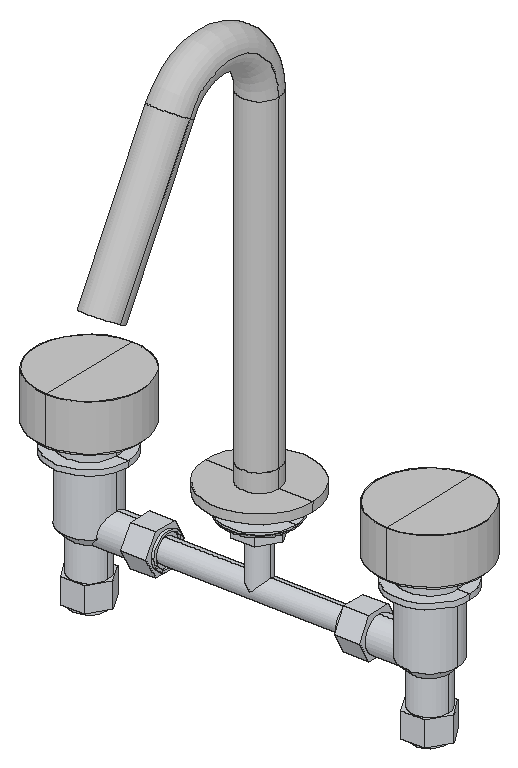
Revit family "Reece_Tap_Milli_Pure_Basin Tap Set_Linear Texture", category Plumbing Fixtures, host Face, Revit 2018
Family settings
  Host = Face
  Round Connector Dimension = Use Diameter
  Part Type = Normal
  Cut with Voids When Loaded = No
  Shared = Yes
  Room Calculation Point = Yes
Parameters (values of type "Brushed Nickel")
  WFU = 0  # constant formula
  URL = "https://www.reece.com.au/product/-2224599"
  Type Comments = "Tap"
  Reece_Tap_Reach = 110 mm  # constant formula
  Reece_Tap_Inlet = 15 mm  # constant formula
  Reece_Tap_Handle_Spacing_Formula [instance] = if(Reece_Tap_Handle_Spacing > 95 mm, 95 mm, if(Reece_Tap_Handle_Spacing < 60 mm, 60 mm, Reece_Tap_Handle_Spacing))  # 95 mm
  Reece_Tap_Handle_Spacing [instance] = 95 mm
  Reece_Tap_Clearance = 135 mm  # constant formula
  Reece_Product_Web Page = "https://www.reece.com.au/product/-2224599"
  Reece_Product_Type = "Tap"  # constant formula
  Reece_Product_Sub Brand = "Pure"  # constant formula
  Reece_Product_Number = "2224599"
  Reece_Product_Mount = "Hob Mounted"
  Reece_Product_Description = "Milli Pure Basin Set with Linear Textured Handles Brushed Nickel (5 star)"
  Reece_Product_Brand = "Milli\r\n"  # constant formula
  Reece_Overall_Length = 149.5 mm  # constant formula
  Reece_Overall_Height = 245 mm  # constant formula
  Reece_Material_Secondary = Reece_Brass_Brushed Nickel_Linear Pattern
  Reece_Material-Main = Reece_Brass_Brushed Nickel
  Reece_Detail_Shape = "Linear Texture\r\n"  # constant formula
  Reece_Detail_Disclaimer = "THIS FILE IS THE PROPERTY OF THE REECE GROUP. IT MAY NOT BE REPRODUCED, REVERSE-ENGINEERED OR MODIFIED. ANY REPUBLICATION, TRANSMISSION OR DISTRIBUTION FOR THE PURPOSE OF COMMERCIALLY EXPLOITING THE FILES IS PROHIBITED."  # constant formula
  Reece_Detail_Connector = ""
  Reece_Detail_Additional = "Basin Tap Set\r\n"  # constant formula
  Reece_3D Texture = no
  Reece_3D Simplified Geometry = not(Reece_3D Texture)  # yes
  Model = "Pure"
  Manufacturer = "Milli\r\n"
  Keynote = "Product #2224599, Reece_Tap_Milli_Pure_Basin Tap Set_Linear Texture - Brushed Nickel"
  HWFU = 0  # constant formula
  Disclaimer = "THIS FILE IS THE PROPERTY OF THE REECE GROUP. IT MAY NOT BE REPRODUCED, REVERSE-ENGINEERED OR MODIFIED. ANY REPUBLICATION, TRANSMISSION OR DISTRIBUTION FOR THE PURPOSE OF COMMERCIALLY EXPLOITING THE FILES IS PROHIBITED."  # constant formula
  Description = "Milli Pure Basin Set with Linear Textured Handles Brushed Nickel (5 star)"
  Default Elevation = 0 mm  # constant formula
  CWFU = 0  # constant formula
Types (7, lengths in mm): name | URL | Reece_Product_Web Page | Reece_Product_Number | Reece_Product_Description | Reece_Material_Secondary | Reece_Material-Main | Keynote | Description
  (no name) | "https://www.reece.com.au/product/-2224600" | "https://www.reece.com.au/product/-2224600" | "2224600" | "Milli Pure Basin Set with Linear Textured Handles Brushed Gunmetal (5 star)" | Reece_Brass_Brushed Gunmetal_Linear Pattern | Reece_Brass_Brushed Gunmetal | "Product #2224600, Reece_Tap_Milli_Pure_Basin Tap Set_Linear Texture -  " | "Milli Pure Basin Set with Linear Textured Handles Brushed Gunmetal (5 star)"
  Brushed Nickel | "https://www.reece.com.au/product/-2224599" | "https://www.reece.com.au/product/-2224599" | "2224599" | "Milli Pure Basin Set with Linear Textured Handles Brushed Nickel (5 star)" | Reece_Brass_Brushed Nickel_Linear Pattern | Reece_Brass_Brushed Nickel | "Product #2224599, Reece_Tap_Milli_Pure_Basin Tap Set_Linear Texture - Brushed Nickel" | "Milli Pure Basin Set with Linear Textured Handles Brushed Nickel (5 star)"
  Brushed Gunmetal | "https://www.reece.com.au/product/-2224600" | "https://www.reece.com.au/product/-2224600" | "2224600" | "Milli Pure Basin Set with Linear Textured Handles Brushed Gunmetal (5 star)" | Reece_Brass_Brushed Gunmetal_Linear Pattern | Reece_Brass_Brushed Gunmetal | "Product #2224600, Reece_Tap_Milli_Pure_Basin Tap Set_Linear Texture - Brushed Gunmetal" | "Milli Pure Basin Set with Linear Textured Handles Brushed Gunmetal (5 star)"
  Chrome | "https://www.reece.com.au/product/-2224598" | "https://www.reece.com.au/product/-2224598" | "2224598" | "Milli Pure Basin Set with Linear Textured Handles Chrome (5 star)" | Reece_Brass_Chrome_Linear Pattern | Reece_Brass_Chrome | "Product #2224598, Reece_Tap_Milli_Pure_Basin Tap Set_Linear Texture - Chrome" | "Milli Pure Basin Set with Linear Textured Handles Chrome (5 star)"
  Matte Black | "https://www.reece.com.au/product/-2224601" | "https://www.reece.com.au/product/-2224601" | "2224601" | "Milli Pure Basin Set with Linear Textured Handles Matte Black (5 star)" | Reece_Brass_Matte Black_Linear Pattern | Reece_Brass_Matte Black | "Product #2224601, Reece_Tap_Milli_Pure_Basin Tap Set_Linear Texture - Matte Black" | "Milli Pure Basin Set with Linear Textured Handles Matte Black (5 star)"
  PVD Brushed Bronze | "https://www.reece.com.au/product/-9511002" | "https://www.reece.com.au/product/-9511002" | "9511002" | "Milli Pure Basin Set with Linear Textured Handles PVD Brushed Bronze (5 Star)" | Reece_PVD_Brushed Bronze_Linear Pattern | Reece_PVD_Brushed Bronze | "Product #9511002, Reece_Tap_Milli_Pure_Basin Tap Set_Linear Texture - PVD Brushed Bronze" | "Milli Pure Basin Set with Linear Textured Handles PVD Brushed Bronze (5 Star)"
  PVD Brushed Gold | "https://www.reece.com.au/product/-9510817" | "https://www.reece.com.au/product/-9510817" | "9510817" | "Milli Pure Basin Set with Linear Textured Handles PVD Brushed Gold (5 Star)" | Reece_PVD_Brushed Gold_Linear Pattern | Reece_PVD_Brushed Gold | "Product #9510817, Reece_Tap_Milli_Pure_Basin Tap Set_Linear Texture - PVD Brushed Gold" | "Milli Pure Basin Set with Linear Textured Handles PVD Brushed Gold (5 Star)"
Reference planes
  plane 1 "Center (Front/Back)": y = 0
  plane 2 "Bottom": z = 0
  plane 3 "Center (Left/Right)": x = 0
  plane 4 "Top": z = 245
  plane 5: y = -110
  plane 6: z = 135
  plane 7: y = 30
  plane 8: y = -119.5
  plane 9: through (0, -110, 135) normal (0, 0.866, -0.5)
  plane 10: x = -95
  plane 11: x = 95
  plane 12: x = -66.612
  plane 13: x = -52.612
  plane 14: x = 66.612
  plane 15: x = 52.612
Forms (mm)
  Revolve 1, solid, material "Reece_Brass_Brushed Nickel" <- "Reece_Material-Main"
    sketch origin (3.5, 0, 0) x (-1, 0, 0) y (0, 0, 1)
      loop
        line (-26.5, 5) -> (-26.5, 0) -> (3.5, 0) -> (3.5, 5) -> (-26.5, 5)
      axis (3.5, 5) -> (3.5, 0)
    angle from 0 to 360
  Sweep 2, solid, material "Reece_Brass_Brushed Nickel" <- "Reece_Material-Main"
    path origin (0, 0, 0) x (0, 1, 0) y (0, 0, 1)
      loop
        line (-110, 135) -> (-62.512, 217.252)
        arc (-62.512, 217.252) -> (-24.83, 232.86) -> (0, 200.502) r 33.5
        line (0, 200.502) -> (0, 15.069)
    profile origin (0, 0, 107.785) x (1, 0, 0) y (0, 1, 0)
      loop
        circle (0, 0) r 11
  Revolve 3, void
    sketch origin (0, -1.709, -28.285) x (0, 0.984808, -0.173648) y (0, 0.173648, 0.984808)
      loop
        line (-125.684, 141.282) -> (-134.141, 144.361) -> (-135.293, 141.194) -> (-126.836, 138.116) -> (-125.684, 141.282)
      axis (-134.141, 144.361) -> (-135.293, 141.194)
    angle from 0 to 360
  Sweep 4, solid, material "Reece_Brass_Brushed Nickel" <- "Reece_Material-Main"
    path origin (0, 0, 0) x (0, 1, 0) y (0, 0, 1)
      loop
        line (0, 15) -> (0, 5)
    profile origin (0, 0, 10) x (1, 0, 0) y (0, 1, 0)
      loop
        circle (0, 0) r 11
  Revolve 5, solid
    sketch origin (0, 0, -0.835) x (1, 0, 0) y (0, 0, 1)
      loop
        line (0, 5.835) -> (0, -47) -> (6.5, -47) -> (6.5, -11.7) -> (18.888, -11.7)
        arc (18.888, -11.7) -> (19.596, -11.407) -> (19.888, -10.7) r 1
        line (19.888, -10.7) -> (19.888, -9.6) -> (20.888, -9.6) -> (20.888, -8.742) -> (10, -8.742) -> (10, 5.835) -> (0, 5.835)
      axis (0, 5.835) -> (0, -47)
    angle from 0 to 360
  Revolve 6, solid
    sketch origin (0, 0, -0.835) x (1, 0, 0) y (0, 0, 1)
      loop
        line (50.612, -47) -> (50.612, -40.5) -> (-66.612, -40.5) -> (-66.612, -37.123) -> (-86.948, -37.123) -> (-86.948, -47) -> (-70.103, -47) -> (50.612, -47)
      loop
        line (66.612, -37.123) -> (66.612, -47) -> (86.948, -47) -> (86.948, -37.123) -> (66.612, -37.123)
      axis (86.948, -47) -> (-86.948, -47)
    angle from 0 to 360
  Extrusion 7, solid
    sketch origin (-121.612, -0.379, -50.716) x (0, 1, 0) y (0, 0, 1)
      loop
        line (-12.921, 2.881) -> (-6.271, -8.637) -> (7.029, -8.637) -> (13.679, 2.881) -> (7.029, 14.399) -> (-6.271, 14.399) -> (-12.921, 2.881)
    from 55 to 69
  Extrusion 8, solid
    sketch origin (-52.612, -0.379, -50.716) x (0, 1, 0) y (0, 0, 1)
      loop
        circle (0.379, 2.881) r 10
      loop
        circle (0.379, 2.881) r 9
    from 0 to 2
  Revolve 9, solid
    sketch origin (0, 0, -0.835) x (1, 0, 0) y (0, 0, 1)
      loop
        line (-110.559, -12.6) -> (-110.559, -48.588) -> (-105.61, -53.538) -> (-105.61, -72.919) -> (-104.007, -74.52) -> (-95, -74.52) -> (-95, 22.835) -> (-105, 22.835) -> (-105, 0.835) -> (-110.559, -2.375) -> (-110.559, -9.6) -> (-117.347, -9.6) -> (-117.347, -12.6) -> (-110.559, -12.6)
      axis (-95, 22.835) -> (-95, -74.52)
    angle from 0 to 360
  Extrusion 10, solid
    sketch origin (-100, 0, -73.754) x (0, 1, 0) y (1, 0, 0)
      loop
        line (0.001, 18.3) -> (-11.518, 11.65) -> (-11.518, -1.65) -> (0.001, -8.3) -> (11.519, -1.65) -> (11.519, 11.65) -> (0.001, 18.3)
    from 0 to 14
  Extrusion 11, solid
    sketch origin (-100, 0, -87.754) x (-1, 0, 0) y (0, 1, 0)
      loop
        circle (-5, 0.001) r 10
      loop
        circle (-5, 0.001) r 9
    from 0 to 2
  Extrusion 12, solid
    sketch origin (100, 0, -73.754) x (0, 1, 0) y (1, 0, 0)
      loop
        line (0.001, 8.3) -> (-11.518, 1.65) -> (-11.518, -11.65) -> (0.001, -18.3) -> (11.519, -11.65) -> (11.519, 1.65) -> (0.001, 8.3)
    from 0 to 14
  Extrusion 13, solid
    sketch origin (100, 0, -87.754) x (-1, 0, 0) y (0, 1, 0)
      loop
        circle (5, 0.001) r 10
      loop
        circle (5, 0.001) r 9
    from 0 to 2
  Extrusion 14, solid
    sketch origin (57.612, -0.379, -50.716) x (0, 1, 0) y (0, 0, 1)
      loop
        line (-12.921, 2.881) -> (-6.271, -8.637) -> (7.029, -8.637) -> (13.679, 2.881) -> (7.029, 14.399) -> (-6.271, 14.399) -> (-12.921, 2.881)
    from -5 to 9
  Extrusion 15, solid
    sketch origin (52.612, -0.379, -50.716) x (0, -1, 0) y (0, 0, 1)
      loop
        circle (-0.379, 2.881) r 10
      loop
        circle (-0.379, 2.881) r 9
    from 0 to 2
  Extrusion 16, void
    sketch origin (-50, 0, 0) x (1, 0, 0) y (0, 1, 0)
      loop
        circle (50, 0) r 17
    from 0 to -27
  Extrusion 17, void
    sketch origin (150, 0, 0) x (-1, 0, 0) y (0, -1, 0)
      loop
        circle (55, 0) r 18
    from 0 to -27
  Extrusion 18, void
    sketch origin (-150, 0, 0) x (1, 0, 0) y (0, 1, 0)
      loop
        circle (55, 0) r 18
    from 0 to -27
  Revolve 19, solid
    sketch origin (0, 0, -0.835) x (-1, 0, 0) y (0, 0, -1)
      loop
        line (-110.559, 12.6) -> (-117.347, 12.6) -> (-117.347, 9.6) -> (-110.559, 9.6) -> (-110.559, 2.375) -> (-105, -0.835) -> (-105, -22.835) -> (-95, -22.835) -> (-95, 74.52) -> (-104.007, 74.52) -> (-105.61, 72.919) -> (-105.61, 53.538) -> (-110.559, 48.588) -> (-110.559, 12.6)
      axis (-95, -22.835) -> (-95, 74.52)
    angle from 0 to 360
  Extrusion 20, solid
    sketch origin (0, 0, -12.535) x (0, 1, 0) y (1, 0, 0)
      loop
        line (0.001, 13.3) -> (-11.518, 6.65) -> (-11.518, -6.65) -> (0.001, -13.3) -> (11.519, -6.65) -> (11.519, 6.65) -> (0.001, 13.3)
    from 0 to 8.3
Cuts and joins
  Revolve 3 cuts Sweep 2
  Extrusion 16 cuts Revolve 9
  joined: Revolve 5, Revolve 6, Extrusion 7, Extrusion 8, Revolve 9, Extrusion 10, Extrusion 11, Extrusion 12, Extrusion 13, Extrusion 14, Extrusion 15, Revolve 19, Extrusion 20
Text (mm)
  text "Reece Copyright © 2018, Reece Ltd." at (-494.526, -203.067, 0), in view "Ref. Level"
  text "Reece ©" at (44.384, 258.95, 192.345), in view "Reece Preview"
Dimensions and locks
  Revolve 1 sketch curve to Revolve 1 sketch curve = 30 mm
  "Reece_Overall_Height": plane 4 "Top" to plane 2 "Bottom"
  "Reece_Tap_Clearance": plane 6 to plane 2 "Bottom"
  "Reece_Tap_Reach": plane 1 "Center (Front/Back)" to plane 5
  "Reece_Overall_Length": plane 7 to plane 8
  "Reece_Tap_Handle_Spacing_Formula": plane 10 to plane 3 "Center (Left/Right)"
  locked: plane 12 to plane 10 at 28.388
  locked: plane 13 to plane 12 at 14
  locked: plane 15 to plane 14 at 14
  locked: plane 14 to plane 11 at 28.388
  "Reece_Tap_Handle_Spacing_Formula": plane 3 "Center (Left/Right)" to plane 11  (x2)
  "Reece_Tap_Handle_Spacing_Formula": plane 3 "Center (Left/Right)" to plane 10
  angle plane 9 to plane 5 = 30.00°
  aligned and locked: plane 2 "Bottom" to host face
  aligned and locked: level to host face
  aligned and locked: plane 10 to nested 2
  aligned and locked: nested 1 to plane 11
  aligned and locked: plane 13 to Extrusion 7
  aligned and locked: Extrusion 7 to plane 12
  aligned and locked: cut or joined group 1 (Revolve 5, Revolve 6, Extrusion 7, Extrusion 8, Revolve 9, Extrusion 10, Extrusion 11, Extrusion 12, Extrusion 13, Extrusion 14, Extrusion 15, Extrusion 16, Revolve 19, Extrusion 20) to plane 14
  aligned and locked: plane 15 to cut or joined group 1
  aligned and locked: plane 10 to nested 3
  aligned and locked: nested 4 to plane 11
Automatic sketch dimensions
  host sketch curve to host sketch curve = 380.785 mm
  host sketch curve to host sketch curve = 317.421 mm
  Revolve 1 sketch curve to level = 0 mm
  plane 3 "Center (Left/Right)" to Revolve 1 sketch curve = 0 mm
  Revolve 1 sketch curve to plane 3 "Center (Left/Right)" = 0 mm
  level to Revolve 1 sketch curve = 5 mm
  Revolve 1 sketch curve to Revolve 1 sketch curve = 340.81 mm
  plane 4 "Top" to Revolve 1 sketch curve = 2048.37 mm
  Sweep 2 sketch curve to plane 5 = 0 mm
  plane 9 to Sweep 2 sketch curve = 0 mm
  Sweep 2 sketch curve to plane 1 "Center (Front/Back)" = 0 mm
  Sweep 2 sketch curve to plane 6 = 0 mm
  Sweep 2 sketch curve to plane 4 "Top" = 27.748 mm
  plane 1 "Center (Front/Back)" to Sweep 2 sketch curve = 33.5 mm
  level to Sweep 2 sketch curve = 15.069 mm
  Sweep 2 sketch curve to plane 3 "Center (Left/Right)" = 0 mm
  profile plane to Sweep 2 sketch curve = 0 mm
  plane 9 to Revolve 3 sketch curve = 0 mm  (x4)
  plane 5 to Revolve 3 sketch curve = 0.429 mm
  Revolve 3 sketch curve to Revolve 3 sketch curve = 1.153 mm
  Revolve 3 sketch curve to Revolve 3 sketch curve = 8.457 mm
  Revolve 3 sketch curve to Revolve 3 sketch curve = 7.036 mm
  Revolve 3 sketch curve to Revolve 3 sketch curve = 21.517 mm
  Sweep 4 sketch curve to plane 1 "Center (Front/Back)" = 0 mm
  level to Sweep 4 sketch curve = 5 mm
  Sweep 4 sketch curve to Sweep 4 sketch curve = 10 mm
  Sweep 4 sketch curve to plane 3 "Center (Left/Right)" = 0 mm
  profile plane to Sweep 4 sketch curve = 0 mm
  plane 10 to Revolve 6 sketch curve = 8.052 mm
  Revolve 6 sketch curve to Revolve 6 sketch curve = 16.844 mm
  plane 11 to Revolve 6 sketch curve = 44.388 mm
  Revolve 6 sketch curve to Revolve 6 sketch curve = 16 mm
  plane 11 to Revolve 6 sketch curve = 8.052 mm
  Revolve 6 sketch curve to level = 47.835 mm
  Revolve 6 sketch curve to Revolve 6 sketch curve = 0 mm  (x2)
  Revolve 6 sketch curve to Revolve 6 sketch curve = 9.877 mm  (x2)
  Revolve 6 sketch curve to plane 10 = 35 mm
  Revolve 6 sketch curve to plane 11 = 30 mm
  plane 1 "Center (Front/Back)" to Extrusion 7 sketch curve = 13.3 mm
  plane 1 "Center (Front/Back)" to Extrusion 7 sketch curve = 6.65 mm  (x2)
  Extrusion 7 sketch curve to plane 1 "Center (Front/Back)" = 6.65 mm  (x2)
  Extrusion 7 sketch curve to plane 1 "Center (Front/Back)" = 13.3 mm
  Extrusion 7 sketch curve to level = 59.353 mm
  Extrusion 7 sketch curve to Extrusion 7 sketch curve = 11.518 mm  (x3)
  Revolve 9 sketch curve to level = 0 mm
  Revolve 9 sketch curve to plane 10 = 22.347 mm
  Revolve 9 sketch curve to Revolve 9 sketch curve = 6.788 mm  (x2)
  Revolve 9 sketch curve to level = 3.21 mm
  Revolve 9 sketch curve to Revolve 9 sketch curve = 4.95 mm  (x2)
  Revolve 9 sketch curve to Revolve 9 sketch curve = 5.559 mm
  Revolve 9 sketch curve to Revolve 9 sketch curve = 1.602 mm
  plane 10 to Revolve 9 sketch curve = 0 mm  (x2)
  Revolve 9 sketch curve to Revolve 9 sketch curve = 7.226 mm
  Revolve 9 sketch curve to Revolve 9 sketch curve = 3 mm
  Revolve 9 sketch curve to Revolve 9 sketch curve = 35.988 mm
  Revolve 9 sketch curve to Revolve 9 sketch curve = 19.382 mm
  Revolve 9 sketch curve to Revolve 9 sketch curve = 1.601 mm
  Revolve 9 sketch curve to Revolve 9 sketch curve = 0 mm
  Revolve 9 sketch curve to Revolve 9 sketch curve = 22 mm
  Revolve 9 sketch curve to Revolve 9 sketch curve = 38.18 mm
  Revolve 9 sketch curve to plane 6 = 13.535 mm
  plane 1 "Center (Front/Back)" to Extrusion 10 sketch curve = 11.518 mm
  Extrusion 10 sketch curve to plane 1 "Center (Front/Back)" = 0.001 mm  (x2)
  Extrusion 10 sketch curve to plane 1 "Center (Front/Back)" = 11.519 mm
  plane 10 to Extrusion 10 sketch curve = 13.3 mm
  plane 10 to Extrusion 10 sketch curve = 6.65 mm  (x2)
  Extrusion 10 sketch curve to plane 10 = 6.65 mm  (x2)
  Extrusion 10 sketch curve to Extrusion 10 sketch curve = 6.65 mm
  Extrusion 11 sketch curve to Extrusion 11 sketch curve = 0 mm  (x2)
  Extrusion 10 to Extrusion 11 sketch curve = 11.518 mm  (x2)
  plane 1 "Center (Front/Back)" to Extrusion 12 sketch curve = 11.518 mm
  Extrusion 12 sketch curve to plane 1 "Center (Front/Back)" = 0.001 mm  (x2)
  Extrusion 12 sketch curve to plane 1 "Center (Front/Back)" = 11.519 mm
  Extrusion 12 sketch curve to plane 11 = 13.3 mm
  Extrusion 12 sketch curve to plane 11 = 6.65 mm  (x2)
  plane 11 to Extrusion 12 sketch curve = 6.65 mm  (x2)
  plane 11 to Extrusion 12 sketch curve = 13.3 mm
  Extrusion 13 sketch curve to Extrusion 13 sketch curve = 0 mm  (x2)
  Extrusion 13 sketch curve to plane 11 = 0 mm
  Extrusion 13 sketch curve to plane 1 "Center (Front/Back)" = 0.001 mm
  plane 1 "Center (Front/Back)" to Extrusion 14 sketch curve = 13.3 mm
  plane 1 "Center (Front/Back)" to Extrusion 14 sketch curve = 6.65 mm  (x2)
  Extrusion 14 sketch curve to plane 1 "Center (Front/Back)" = 6.65 mm  (x2)
  Extrusion 14 sketch curve to plane 1 "Center (Front/Back)" = 13.3 mm
  Extrusion 14 sketch curve to level = 59.353 mm
  Extrusion 14 sketch curve to Extrusion 14 sketch curve = 11.518 mm  (x3)
  Extrusion 15 sketch curve to Extrusion 15 sketch curve = 0 mm  (x2)
  Extrusion 15 sketch curve to Extrusion 14 = 11.518 mm  (x2)
  Extrusion 16 sketch curve to Extrusion 16 sketch curve = 0 mm  (x2)
  plane 1 "Center (Front/Back)" to Extrusion 16 sketch curve = 0 mm
  Extrusion 16 sketch curve to plane 3 "Center (Left/Right)" = 0 mm
  Extrusion 16 sketch curve to Extrusion 16 sketch curve = 17 mm
  Extrusion 17 sketch curve to Extrusion 17 sketch curve = 0 mm  (x2)
  plane 1 "Center (Front/Back)" to Extrusion 17 sketch curve = 0 mm
  Extrusion 17 sketch curve to plane 11 = 0 mm
  plane 11 to Extrusion 17 sketch curve = 18 mm
  Extrusion 18 sketch curve to Extrusion 18 sketch curve = 0 mm  (x2)
  Extrusion 18 sketch curve to plane 1 "Center (Front/Back)" = 0 mm
  Extrusion 18 sketch curve to plane 10 = 0 mm
  Extrusion 18 sketch curve to plane 10 = 18 mm
  Revolve 19 sketch curve to level = 0 mm
  Revolve 19 sketch curve to plane 11 = 22.347 mm
  Revolve 19 sketch curve to Revolve 19 sketch curve = 6.788 mm  (x2)
  Revolve 19 sketch curve to level = 3.21 mm
  Revolve 19 sketch curve to Revolve 19 sketch curve = 4.95 mm  (x2)
  Revolve 19 sketch curve to Revolve 19 sketch curve = 5.559 mm
  Revolve 19 sketch curve to Revolve 19 sketch curve = 1.602 mm
  plane 11 to Revolve 19 sketch curve = 0 mm  (x2)
  level to Revolve 19 sketch curve = 22 mm
  Revolve 19 sketch curve to Revolve 19 sketch curve = 7.226 mm
  Revolve 19 sketch curve to Revolve 19 sketch curve = 3 mm
  Revolve 19 sketch curve to Revolve 19 sketch curve = 35.988 mm
  Revolve 19 sketch curve to Revolve 19 sketch curve = 19.382 mm
  Revolve 19 sketch curve to Revolve 19 sketch curve = 1.601 mm
  Revolve 19 sketch curve to Revolve 19 sketch curve = 0 mm
  Revolve 19 sketch curve to plane 6 = 13.535 mm
  Revolve 19 sketch curve to Revolve 19 sketch curve = 38.18 mm
  plane 1 "Center (Front/Back)" to Extrusion 20 sketch curve = 11.518 mm
  Extrusion 20 sketch curve to plane 1 "Center (Front/Back)" = 0.001 mm  (x2)
  Extrusion 20 sketch curve to plane 1 "Center (Front/Back)" = 11.519 mm
  plane 3 "Center (Left/Right)" to Extrusion 20 sketch curve = 13.3 mm
  plane 3 "Center (Left/Right)" to Extrusion 20 sketch curve = 6.65 mm  (x2)
  Extrusion 20 sketch curve to plane 3 "Center (Left/Right)" = 6.65 mm  (x2)
  Extrusion 20 sketch curve to Extrusion 20 sketch curve = 6.65 mm
  Revolve 5 sketch curve to plane 3 "Center (Left/Right)" = 0 mm  (x2)
  Revolve 5 sketch curve to Revolve 5 sketch curve = 12.388 mm
  Revolve 5 sketch curve to Revolve 5 sketch curve = 1 mm  (x2)
  Revolve 5 sketch curve to level = 12.535 mm
  Revolve 5 sketch curve to Revolve 5 sketch curve = 1.1 mm
  Revolve 5 sketch curve to Revolve 5 sketch curve = 0.858 mm
  level to Revolve 5 sketch curve = 5 mm
  plane 3 "Center (Left/Right)" to Revolve 5 sketch curve = 10 mm
  Revolve 5 sketch curve to Revolve 5 sketch curve = 3.5 mm
  Revolve 5 sketch curve to Revolve 5 sketch curve = 9.761 mm
  Revolve 6 sketch curve to Revolve 6 sketch curve = 3.492 mm
  Revolve 6 sketch curve to Revolve 6 sketch curve = 3.377 mm
  Extrusion 8 sketch curve to Extrusion 8 sketch curve = 0 mm  (x2)
  Extrusion 8 sketch curve to Extrusion 7 = 11.518 mm  (x2)
  Revolve 5 sketch curve to Revolve 5 sketch curve = 35.3 mm
  Revolve 5 sketch curve to Revolve 5 sketch curve = 17.404 mm
  radius of Sweep 2 sketch curve = 11 mm
  radius of Sweep 4 sketch curve = 11 mm
  radius of Extrusion 11 sketch curve = 10 mm
  radius of Extrusion 11 sketch curve = 9 mm
  radius of Extrusion 13 sketch curve = 10 mm
  radius of Extrusion 13 sketch curve = 9 mm
  radius of Extrusion 15 sketch curve = 10 mm
  radius of Extrusion 15 sketch curve = 9 mm
  radius of Extrusion 8 sketch curve = 10 mm
  radius of Extrusion 8 sketch curve = 9 mm
Nested families
  nested 1: "Reece_Tap_Milli_Pure_Cap_Main_2D" at (95, 0, 0), Reece_Material-Main <- "Reece_Material-Main", Reece_Material_Secondary <- "Reece_Material_Secondary", visible <- "Reece_3D Simplified Geometry", type "60mm x 28mm"
    with Reece_Material_Secondary Reece_Brass_Brushed Nickel_Linear Pattern, Reece_Material-Main Reece_Brass_Brushed Nickel
  nested 2: "Reece_Tap_Milli_Pure_Cap_Main_2D" at (-95, 0, 0) x (-1, 0, 0) z (0, 0, 1), Reece_Material-Main <- "Reece_Material-Main", Reece_Material_Secondary <- "Reece_Material_Secondary", visible <- "Reece_3D Simplified Geometry", type "60mm x 28mm"
    with Reece_Material_Secondary Reece_Brass_Brushed Nickel_Linear Pattern, Reece_Material-Main Reece_Brass_Brushed Nickel
  nested 3: "Reece_Tap_Milli_Pure_Cap_Linear Texture_60mm x 28mm_3D" at (-95, 0, 0), visible <- "Reece_3D Texture", Reece_Material-Main <- "Reece_Material-Main", Reece_Material_Secondary <- "Reece_Material_Secondary", type "60mm x 28mm"
    with Reece_Material_Secondary Reece_Brass_Brushed Nickel_Linear Pattern, Reece_Material-Main Reece_Brass_Brushed Nickel
  nested 4: "Reece_Tap_Milli_Pure_Cap_Linear Texture_60mm x 28mm_3D" at (95, 0, 0), visible <- "Reece_3D Texture", Reece_Material-Main <- "Reece_Material-Main", Reece_Material_Secondary <- "Reece_Material_Secondary", type "60mm x 28mm"
    with Reece_Material_Secondary Reece_Brass_Brushed Nickel_Linear Pattern, Reece_Material-Main Reece_Brass_Brushed Nickel
Connectors
  piping at (-95, 0.001, -89.754), diameter 15, driven by "Reece_Tap_Inlet"
    settings: on cut or joined group 1, index 1, connector inside diameter 609.6 mm, connector length 0 mm, flow factor 0, pipe flow 0.0 L/s, pressure drop 0.0 Pa, fitting loss kfactor 0, connector angle 0.00°, fixture units 0, engagement length 0 mm, angle of deflection 0.00°, flow configuration 0, flow direction 1, fitting loss method 0, system type 29, joint type 0, gender type 0, connector reference index -1, connector utility 0, adjustable connector no, is connector primary yes, connector description ""
  piping at (95, 0.001, -89.754), diameter 15, driven by "Reece_Tap_Inlet"
    settings: on cut or joined group 1, index 2, connector inside diameter 609.6 mm, connector length 0 mm, flow factor 0, pipe flow 0.0 L/s, pressure drop 0.0 Pa, fitting loss kfactor 0, connector angle 0.00°, fixture units 0, engagement length 0 mm, angle of deflection 0.00°, flow configuration 0, flow direction 1, fitting loss method 0, system type 29, joint type 0, gender type 0, connector reference index -1, connector utility 0, adjustable connector no, is connector primary no, connector description ""
Definition of nested family "Reece_Tap_Milli_Pure_Cap_Main_2D"
  Parameters (values of type "62mm x 30mm")
    WFU = 0  # constant formula
    Reece_Overall_Width = 62 mm
    Reece_Overall_Height = 30 mm
    Reece_Material_Secondary [instance] = none
    Reece_Material-Main [instance] = none
    Reece_Detail_Installation = ""
    Reece_Detail_Connector = ""
    Reece_Detail_Additional = ""
    HWFU = 0  # constant formula
    Default Elevation = 1000 mm
    CWFU = 0  # constant formula
  Types (4, lengths in mm): name | Reece_Overall_Width | Reece_Overall_Height
    62mm x 30mm | 62 | 30
    60mm x 28mm | 60 | 28
    54mm x 30mm | 54 | 30
    60mm x 26mm | 60 | 26
  Reference planes
    plane 1 "Center (Front/Back)": y = 0
    plane 2 "Bottom": z = 0
    plane 3 "Center (Left/Right)": x = 0
    plane 4: y = -31
    plane 5: y = 31
    plane 6: z = 30
    plane 7: y = -29
    plane 8: y = 29
    plane 9: z = 16
    plane 10: z = 2
  Forms (mm)
    Extrusion 1, solid
      sketch origin (619.2, -619.2, 0) x (1, 0, 0) y (0, 1, 0)
        loop
          line (-809.2, 779.2) -> (-809.2, 461.779) -> (-428.415, 461.779) -> (-428.415, 779.2) -> (-809.2, 779.2)
      from 0 to -9.564
    Revolve 2, solid, material <- "Reece_Material_Secondary"
      sketch origin (0, 50, 0) x (0, -1, 0) y (0, 0, 1)
        loop
          line (50, 0) -> (79, 0) -> (79, 2) -> (81, 2) -> (81, 30) -> (79, 28) -> (50, 28) -> (50, 0)
        axis (50, 0) -> (50, 30)
      angle from 0 to 360
    Revolve 3, solid, material <- "Reece_Material-Main"
      sketch origin (0, 50, 0) x (0, -1, 0) y (0, 0, 1)
        loop
          line (81, 30) -> (50, 30) -> (50, 28) -> (79, 28) -> (81, 30)
        axis (50, 28) -> (50, 30)
      angle from 0 to 360
  Text (mm)
    text "Reece Copyright © 2018, Reece Ltd." at (-1403.988, -1192.393, 0), in view "Ref. Level"
    text "Reece ©" at (44.384, 258.95, 192.345), in view "Reece Preview"
  Dimensions and locks
    equal spacing: plane 5, plane 1 "Center (Front/Back)", plane 4
    "Reece_Overall_Width": plane 5 to plane 4
    "Reece_Overall_Height": plane 6 to plane 2 "Bottom"
    locked: plane 7 to plane 4 at 2
    locked: plane 5 to plane 8 at 2
    equal spacing: plane 6, plane 9, plane 10
    locked: plane 10 to plane 2 "Bottom" at 2
    aligned and locked: plane 2 "Bottom" to Extrusion 1
    aligned and locked: level to Extrusion 1
    aligned and locked: plane 7 to Revolve 2 sketch curve
  Automatic sketch dimensions
    Extrusion 1 sketch curve to Extrusion 1 sketch curve = 380.785 mm
    Extrusion 1 sketch curve to Extrusion 1 sketch curve = 317.421 mm
    Revolve 2 sketch curve to plane 1 "Center (Front/Back)" = 0 mm  (x2)
    Revolve 2 sketch curve to level = 0 mm
    Revolve 2 sketch curve to plane 7 = 0 mm
    Revolve 2 sketch curve to plane 4 = 0 mm
    Revolve 2 sketch curve to plane 6 = 0 mm  (x2)
    level to Revolve 2 sketch curve = 2 mm
    Revolve 2 sketch curve to plane 6 = 2 mm
    Revolve 2 sketch curve to Revolve 2 sketch curve = 10 mm
    Revolve 3 sketch curve to plane 1 "Center (Front/Back)" = 0 mm  (x2)
    Revolve 3 sketch curve to plane 7 = 0 mm
    Revolve 3 sketch curve to plane 4 = 0 mm
    Revolve 3 sketch curve to plane 6 = 0 mm  (x2)
    Revolve 3 sketch curve to plane 6 = 2 mm
    Revolve 3 sketch curve to Revolve 3 sketch curve = 10 mm
Definition of nested family "Reece_Tap_Milli_Pure_Cap_Linear Texture_60mm x 28mm_3D"
  Parameters (values of type "60mm x 28mm")
    WFU = 0  # constant formula
    Reece_Tap_Inlet = 0 mm
    Reece_Overall_Length = 60 mm
    Reece_Overall_Height = 28 mm
    Reece_Material_Secondary [instance] = none
    Reece_Material-Main [instance] = none
    Reece_Detail_Installation = ""
    Reece_Detail_Connector = ""
    Reece_Detail_Additional = ""
    HWFU = 0  # constant formula
    Default Elevation = 1000 mm
    CWFU = 0  # constant formula
  Reference planes
    plane 1 "Center (Front/Back)": y = 0
    plane 2 "Bottom": z = 0
    plane 3 "Center (Left/Right)": x = 0
    plane 4: z = 28
    plane 5: y = -30
    plane 6: y = 30
  Forms (mm)
    Extrusion 1, solid
      sketch origin (619.2, -619.2, 0) x (1, 0, 0) y (0, 1, 0)
        loop
          line (-809.2, 779.2) -> (-809.2, 461.779) -> (-428.415, 461.779) -> (-428.415, 779.2) -> (-809.2, 779.2)
      from 0 to -9.564
    Revolve 2, solid, material <- "Reece_Material-Main"
      sketch origin (0, 0, -140.292) x (0, 1, 0) y (0, 0, 1)
        loop
          line (0, 148.292) -> (-30, 148.292) -> (-30, 142.292) -> (-27.915, 142.292) -> (-27.915, 140.292) -> (-25.915, 140.292) -> (-25.915, 144.803) -> (0, 144.803) -> (0, 148.292)
        axis (0, 140.292) -> (0, 148.292)
      angle from 0 to 360
    Extrusion 3, solid, material <- "Reece_Material-Main"
      sketch origin (300, 0, 0) x (1, 0, 0) y (0, 1, 0)
        loop
          arc (-296.155, 28.799) -> (-297.018, 29.853) -> (-298.073, 28.991) r 0.964
          arc (-298.073, 28.991) -> (-298.726, 29.95) -> (-299.664, 29.266) r 0.808
          arc (-299.664, 29.266) -> (-300.6, 29.978) -> (-301.291, 29.026) r 0.823
          arc (-301.291, 29.026) -> (-302.327, 29.911) -> (-303.213, 28.877) r 0.964
          arc (-303.213, 28.877) -> (-304.305, 29.691) -> (-305.121, 28.6) r 0.964
          arc (-305.121, 28.6) -> (-306.265, 29.34) -> (-307.007, 28.197) r 0.964
          arc (-307.007, 28.197) -> (-308.197, 28.86) -> (-308.861, 27.671) r 0.964
          arc (-308.861, 27.671) -> (-310.093, 28.253) -> (-310.677, 27.022) r 0.964
          arc (-310.677, 27.022) -> (-311.945, 27.522) -> (-312.445, 26.254) r 0.964
          arc (-312.445, 26.254) -> (-313.743, 26.669) -> (-314.159, 25.371) r 0.964
          arc (-314.159, 25.371) -> (-315.482, 25.699) -> (-315.811, 24.376) r 0.964
          arc (-315.811, 24.376) -> (-317.152, 24.615) -> (-317.393, 23.274) r 0.964
          arc (-317.393, 23.274) -> (-318.747, 23.423) -> (-318.898, 22.069) r 0.964
          arc (-318.898, 22.069) -> (-320.259, 22.129) -> (-320.32, 20.767) r 0.964
          arc (-320.32, 20.767) -> (-321.682, 20.736) -> (-321.652, 19.374) r 0.964
          arc (-321.652, 19.374) -> (-323.01, 19.253) -> (-322.89, 17.895) r 0.964
          arc (-322.89, 17.895) -> (-324.236, 17.684) -> (-324.026, 16.338) r 0.964
          arc (-324.026, 16.338) -> (-325.355, 16.038) -> (-325.057, 14.708) r 0.964
          arc (-325.057, 14.708) -> (-326.363, 14.321) -> (-325.977, 13.014) r 0.964
          arc (-325.977, 13.014) -> (-327.255, 12.541) -> (-326.783, 11.263) r 0.964
          arc (-326.783, 11.263) -> (-328.027, 10.706) -> (-327.471, 9.462) r 0.964
          arc (-327.471, 9.462) -> (-328.675, 8.824) -> (-328.038, 7.619) r 0.964
          arc (-328.038, 7.619) -> (-329.197, 6.902) -> (-328.482, 5.743) r 0.964
          arc (-328.482, 5.743) -> (-329.59, 4.951) -> (-328.8, 3.841) r 0.964
          arc (-328.8, 3.841) -> (-329.854, 2.978) -> (-328.991, 1.923) r 0.964
          arc (-328.991, 1.923) -> (-329.985, 0.991) -> (-329.055, -0.004) r 0.964
          arc (-329.055, -0.004) -> (-329.985, -1) -> (-328.991, -1.931) r 0.964
          arc (-328.991, -1.931) -> (-329.853, -2.986) -> (-328.799, -3.85) r 0.964
          arc (-328.799, -3.85) -> (-329.589, -4.96) -> (-328.48, -5.751) r 0.964
          arc (-328.48, -5.751) -> (-329.195, -6.911) -> (-328.036, -7.627) r 0.964
          arc (-328.036, -7.627) -> (-328.672, -8.832) -> (-327.468, -9.47) r 0.964
          arc (-327.468, -9.47) -> (-328.023, -10.714) -> (-326.78, -11.271) r 0.964
          arc (-326.78, -11.271) -> (-327.251, -12.549) -> (-325.973, -13.022) r 0.964
          arc (-325.973, -13.022) -> (-326.359, -14.329) -> (-325.052, -14.716) r 0.964
          arc (-325.052, -14.716) -> (-325.351, -16.045) -> (-324.021, -16.345) r 0.964
          arc (-324.021, -16.345) -> (-324.231, -17.691) -> (-322.884, -17.902) r 0.964
          arc (-322.884, -17.902) -> (-323.004, -19.259) -> (-321.647, -19.38) r 0.964
          arc (-321.647, -19.38) -> (-321.676, -20.743) -> (-320.314, -20.773) r 0.964
          arc (-320.314, -20.773) -> (-320.253, -22.135) -> (-318.891, -22.075) r 0.964
          arc (-318.891, -22.075) -> (-318.74, -23.429) -> (-317.386, -23.279) r 0.964
          arc (-317.386, -23.279) -> (-317.145, -24.62) -> (-315.804, -24.381) r 0.964
          arc (-315.804, -24.381) -> (-315.474, -25.703) -> (-314.152, -25.375) r 0.964
          arc (-314.152, -25.375) -> (-313.736, -26.673) -> (-312.438, -26.258) r 0.964
          arc (-312.438, -26.258) -> (-311.936, -27.525) -> (-310.669, -27.025) r 0.964
          arc (-310.669, -27.025) -> (-310.085, -28.256) -> (-308.853, -27.673) r 0.964
          arc (-308.853, -27.673) -> (-308.189, -28.863) -> (-306.998, -28.199) r 0.964
          arc (-306.998, -28.199) -> (-306.256, -29.342) -> (-305.113, -28.601) r 0.964
          arc (-305.113, -28.601) -> (-304.297, -29.693) -> (-303.205, -28.878) r 0.964
          arc (-303.205, -28.878) -> (-302.318, -29.912) -> (-301.282, -29.026) r 0.964
          arc (-301.282, -29.026) -> (-300.329, -30) -> (-299.354, -29.048) r 0.964
          arc (-299.354, -29.048) -> (-298.339, -29.956) -> (-297.429, -28.941) r 0.964
          arc (-297.429, -28.941) -> (-296.356, -29.78) -> (-295.516, -28.707) r 0.964
          arc (-295.516, -28.707) -> (-294.389, -29.472) -> (-293.622, -28.346) r 0.964
          arc (-293.622, -28.346) -> (-292.446, -29.035) -> (-291.756, -27.861) r 0.964
          arc (-291.756, -27.861) -> (-290.537, -28.47) -> (-289.926, -27.252) r 0.964
          arc (-289.926, -27.252) -> (-288.67, -27.78) -> (-288.141, -26.524) r 0.964
          arc (-288.141, -26.524) -> (-286.852, -26.968) -> (-286.408, -25.679) r 0.964
          arc (-286.408, -25.679) -> (-285.093, -26.036) -> (-284.735, -24.722) r 0.964
          arc (-284.735, -24.722) -> (-283.399, -24.99) -> (-283.129, -23.655) r 0.964
          arc (-283.129, -23.655) -> (-281.778, -23.834) -> (-281.597, -22.484) r 0.964
          arc (-281.597, -22.484) -> (-280.238, -22.573) -> (-280.147, -21.214) r 0.964
          arc (-280.147, -21.214) -> (-278.784, -21.213) -> (-278.783, -19.85) r 0.964
          arc (-278.783, -19.85) -> (-277.424, -19.759) -> (-277.514, -18.399) r 0.964
          arc (-277.514, -18.399) -> (-276.163, -18.218) -> (-276.343, -16.868) r 0.964
          arc (-276.343, -16.868) -> (-275.007, -16.597) -> (-275.276, -15.262) r 0.964
          arc (-275.276, -15.262) -> (-273.962, -14.903) -> (-274.319, -13.588) r 0.964
          arc (-274.319, -13.588) -> (-273.03, -13.144) -> (-273.474, -11.855) r 0.964
          arc (-273.474, -11.855) -> (-272.218, -11.326) -> (-272.746, -10.07) r 0.964
          arc (-272.746, -10.07) -> (-271.528, -9.459) -> (-272.138, -8.24) r 0.964
          arc (-272.138, -8.24) -> (-270.964, -7.549) -> (-271.653, -6.374) r 0.964
          arc (-271.653, -6.374) -> (-270.527, -5.607) -> (-271.293, -4.48) r 0.964
          arc (-271.293, -4.48) -> (-270.22, -3.64) -> (-271.059, -2.566) r 0.964
          arc (-271.059, -2.566) -> (-270.044, -1.657) -> (-270.952, -0.641) r 0.964
          arc (-270.952, -0.641) -> (-270, 0.333) -> (-270.974, 1.287) r 0.964
          arc (-270.974, 1.287) -> (-270.088, 2.322) -> (-271.123, 3.209) r 0.964
          arc (-271.123, 3.209) -> (-270.308, 4.301) -> (-271.399, 5.117) r 0.964
          arc (-271.399, 5.117) -> (-270.659, 6.261) -> (-271.802, 7.002) r 0.964
          arc (-271.802, 7.002) -> (-271.138, 8.193) -> (-272.328, 8.857) r 0.964
          arc (-272.328, 8.857) -> (-271.745, 10.089) -> (-272.977, 10.673) r 0.964
          arc (-272.977, 10.673) -> (-272.477, 11.941) -> (-273.744, 12.442) r 0.964
          arc (-273.744, 12.442) -> (-273.329, 13.74) -> (-274.627, 14.156) r 0.964
          arc (-274.627, 14.156) -> (-274.299, 15.478) -> (-275.621, 15.807) r 0.964
          arc (-275.621, 15.807) -> (-275.382, 17.149) -> (-276.723, 17.389) r 0.964
          arc (-276.723, 17.389) -> (-276.574, 18.744) -> (-277.928, 18.895) r 0.964
          arc (-277.928, 18.895) -> (-277.868, 20.256) -> (-279.23, 20.317) r 0.964
          arc (-279.23, 20.317) -> (-279.261, 21.679) -> (-280.623, 21.65) r 0.964
          arc (-280.623, 21.65) -> (-280.744, 23.007) -> (-282.101, 22.887) r 0.964
          arc (-282.101, 22.887) -> (-282.312, 24.233) -> (-283.659, 24.024) r 0.964
          arc (-283.659, 24.024) -> (-283.958, 25.353) -> (-285.288, 25.055) r 0.964
          arc (-285.288, 25.055) -> (-285.675, 26.361) -> (-286.982, 25.975) r 0.964
          arc (-286.982, 25.975) -> (-287.455, 27.253) -> (-288.733, 26.781) r 0.964
          arc (-288.733, 26.781) -> (-289.29, 28.025) -> (-290.534, 27.47) r 0.964
          arc (-290.534, 27.47) -> (-291.172, 28.674) -> (-292.377, 28.037) r 0.964
          arc (-292.377, 28.037) -> (-293.093, 29.196) -> (-294.253, 28.481) r 0.964
          arc (-294.253, 28.481) -> (-295.045, 29.59) -> (-296.155, 28.799) r 0.964
      from 8 to 28
  Text (mm)
    text "Reece Copyright © 2018, Reece Ltd." at (-1403.988, -1192.393, 0), in view "Ref. Level"
    text "Reece ©" at (44.384, 258.95, 192.345), in view "Reece Preview"
  Dimensions and locks
    "Reece_Overall_Height": plane 4 to plane 2 "Bottom"
    "Reece_Overall_Length": plane 5 to plane 6
    equal spacing: plane 6, plane 1 "Center (Front/Back)", plane 5
    aligned and locked: plane 2 "Bottom" to Extrusion 1
    aligned and locked: level to Extrusion 1
    aligned and locked: plane 4 to Extrusion 3
  Automatic sketch dimensions
    Extrusion 1 sketch curve to Extrusion 1 sketch curve = 380.785 mm
    Extrusion 1 sketch curve to Extrusion 1 sketch curve = 317.421 mm
    level to Revolve 2 sketch curve = 0 mm
    Revolve 2 sketch curve to plane 1 "Center (Front/Back)" = 0 mm  (x2)
    level to Revolve 2 sketch curve = 2 mm
    level to Revolve 2 sketch curve = 4.511 mm
    Revolve 2 sketch curve to Revolve 2 sketch curve = 3.489 mm
    plane 4 to Revolve 2 sketch curve = 17.996 mm
    Revolve 2 sketch curve to Revolve 2 sketch curve = 3.712 mm
    Revolve 2 sketch curve to plane 5 = 0 mm
    Extrusion 3 sketch curve to plane 1 "Center (Front/Back)" = 0.959 mm
    Extrusion 3 sketch curve to plane 3 "Center (Left/Right)" = 29.022 mm
    plane 1 "Center (Front/Back)" to Extrusion 3 sketch curve = 0.968 mm
    Extrusion 3 sketch curve to Extrusion 3 sketch curve = 0 mm
    Extrusion 3 sketch curve to Extrusion 3 sketch curve = 0.128 mm  (x2)
    Extrusion 3 sketch curve to Extrusion 3 sketch curve = 0.255 mm  (x2)
    Extrusion 3 sketch curve to Extrusion 3 sketch curve = 0.381 mm  (x2)
    Extrusion 3 sketch curve to Extrusion 3 sketch curve = 0.505 mm
    Extrusion 3 sketch curve to Extrusion 3 sketch curve = 0.506 mm
    Extrusion 3 sketch curve to Extrusion 3 sketch curve = 0.627 mm
    Extrusion 3 sketch curve to Extrusion 3 sketch curve = 0.628 mm  (x2)
    Extrusion 3 sketch curve to Extrusion 3 sketch curve = 0.747 mm  (x3)
    Extrusion 3 sketch curve to Extrusion 3 sketch curve = 0.863 mm  (x2)
    Extrusion 3 sketch curve to Extrusion 3 sketch curve = 0.864 mm
    Extrusion 3 sketch curve to Extrusion 3 sketch curve = 0.975 mm
    Extrusion 3 sketch curve to Extrusion 3 sketch curve = 0.976 mm  (x2)
    Extrusion 3 sketch curve to Extrusion 3 sketch curve = 1.084 mm  (x3)
    Extrusion 3 sketch curve to Extrusion 3 sketch curve = 1.187 mm  (x3)
    Extrusion 3 sketch curve to Extrusion 3 sketch curve = 1.285 mm  (x3)
    Extrusion 3 sketch curve to Extrusion 3 sketch curve = 1.377 mm  (x2)
    Extrusion 3 sketch curve to Extrusion 3 sketch curve = 1.378 mm
    Extrusion 3 sketch curve to Extrusion 3 sketch curve = 1.464 mm  (x3)
    Extrusion 3 sketch curve to Extrusion 3 sketch curve = 1.544 mm  (x3)
    Extrusion 3 sketch curve to Extrusion 3 sketch curve = 1.617 mm  (x3)
    Extrusion 3 sketch curve to Extrusion 3 sketch curve = 1.683 mm  (x3)
    Extrusion 3 sketch curve to Extrusion 3 sketch curve = 1.741 mm  (x3)
    Extrusion 3 sketch curve to Extrusion 3 sketch curve = 1.792 mm  (x3)
    Extrusion 3 sketch curve to Extrusion 3 sketch curve = 1.835 mm  (x3)
    Extrusion 3 sketch curve to Extrusion 3 sketch curve = 1.87 mm  (x3)
    Extrusion 3 sketch curve to Extrusion 3 sketch curve = 1.897 mm  (x3)
    Extrusion 3 sketch curve to Extrusion 3 sketch curve = 1.915 mm  (x3)
    Extrusion 3 sketch curve to plane 3 "Center (Left/Right)" = 0.48 mm
    Extrusion 3 sketch curve to plane 3 "Center (Left/Right)" = 0.318 mm
    plane 3 "Center (Left/Right)" to Extrusion 3 sketch curve = 1.136 mm
    plane 3 "Center (Left/Right)" to Extrusion 3 sketch curve = 1.608 mm
    Extrusion 3 sketch curve to Extrusion 3 sketch curve = 1.75 mm
    Extrusion 3 sketch curve to Extrusion 3 sketch curve = 1.919 mm  (x2)
    Extrusion 3 sketch curve to Extrusion 3 sketch curve = 1.91 mm  (x2)
    Extrusion 3 sketch curve to Extrusion 3 sketch curve = 1.904 mm  (x2)
    Extrusion 3 sketch curve to Extrusion 3 sketch curve = 1.889 mm  (x3)
    Extrusion 3 sketch curve to Extrusion 3 sketch curve = 1.88 mm  (x2)
    Extrusion 3 sketch curve to Extrusion 3 sketch curve = 1.859 mm  (x3)
    Extrusion 3 sketch curve to Extrusion 3 sketch curve = 1.848 mm  (x2)
    Extrusion 3 sketch curve to Extrusion 3 sketch curve = 1.822 mm  (x3)
    Extrusion 3 sketch curve to Extrusion 3 sketch curve = 1.807 mm  (x2)
    Extrusion 3 sketch curve to Extrusion 3 sketch curve = 1.776 mm  (x3)
    Extrusion 3 sketch curve to Extrusion 3 sketch curve = 1.759 mm  (x2)
    Extrusion 3 sketch curve to Extrusion 3 sketch curve = 1.723 mm  (x3)
    Extrusion 3 sketch curve to Extrusion 3 sketch curve = 1.703 mm  (x2)
    Extrusion 3 sketch curve to Extrusion 3 sketch curve = 1.662 mm  (x2)
    Extrusion 3 sketch curve to Extrusion 3 sketch curve = 1.639 mm
    Extrusion 3 sketch curve to Extrusion 3 sketch curve = 1.593 mm  (x3)
    Extrusion 3 sketch curve to Extrusion 3 sketch curve = 1.569 mm  (x2)
    Extrusion 3 sketch curve to Extrusion 3 sketch curve = 1.518 mm  (x3)
    Extrusion 3 sketch curve to Extrusion 3 sketch curve = 1.491 mm  (x2)
    Extrusion 3 sketch curve to Extrusion 3 sketch curve = 1.436 mm  (x3)
    Extrusion 3 sketch curve to Extrusion 3 sketch curve = 1.407 mm  (x2)
    Extrusion 3 sketch curve to Extrusion 3 sketch curve = 1.347 mm  (x2)
    Extrusion 3 sketch curve to Extrusion 3 sketch curve = 1.316 mm
    Extrusion 3 sketch curve to Extrusion 3 sketch curve = 1.253 mm  (x3)
    Extrusion 3 sketch curve to Extrusion 3 sketch curve = 1.22 mm  (x2)
    Extrusion 3 sketch curve to Extrusion 3 sketch curve = 1.153 mm  (x3)
    Extrusion 3 sketch curve to Extrusion 3 sketch curve = 1.119 mm  (x2)
    Extrusion 3 sketch curve to Extrusion 3 sketch curve = 1.048 mm  (x2)
    Extrusion 3 sketch curve to Extrusion 3 sketch curve = 1.012 mm  (x2)
    Extrusion 3 sketch curve to Extrusion 3 sketch curve = 0.939 mm  (x3)
    Extrusion 3 sketch curve to Extrusion 3 sketch curve = 0.901 mm  (x3)
    Extrusion 3 sketch curve to Extrusion 3 sketch curve = 0.825 mm  (x5)
    Extrusion 3 sketch curve to Extrusion 3 sketch curve = 0.786 mm  (x2)
    Extrusion 3 sketch curve to Extrusion 3 sketch curve = 0.708 mm  (x2)
    Extrusion 3 sketch curve to Extrusion 3 sketch curve = 0.668 mm  (x2)
    Extrusion 3 sketch curve to Extrusion 3 sketch curve = 0.587 mm
    Extrusion 3 sketch curve to Extrusion 3 sketch curve = 0.546 mm
    Extrusion 3 sketch curve to Extrusion 3 sketch curve = 0.464 mm
    Extrusion 3 sketch curve to Extrusion 3 sketch curve = 0.423 mm  (x2)
    Extrusion 3 sketch curve to Extrusion 3 sketch curve = 0.339 mm
    Extrusion 3 sketch curve to Extrusion 3 sketch curve = 0.297 mm
    Extrusion 3 sketch curve to Extrusion 3 sketch curve = 0.213 mm
    plane 1 "Center (Front/Back)" to Extrusion 3 sketch curve = 1.604 mm
    Extrusion 3 sketch curve to Extrusion 3 sketch curve = 0.17 mm
    Extrusion 3 sketch curve to plane 1 "Center (Front/Back)" = 0.323 mm
    Extrusion 3 sketch curve to Extrusion 3 sketch curve = 0.085 mm
    Extrusion 3 sketch curve to Extrusion 3 sketch curve = 1.317 mm
    Extrusion 3 sketch curve to Extrusion 3 sketch curve = 1.64 mm
    Extrusion 3 sketch curve to Extrusion 3 sketch curve = 1.661 mm
    Extrusion 3 sketch curve to Extrusion 3 sketch curve = 1.923 mm  (x2)
    Extrusion 3 sketch curve to Extrusion 3 sketch curve = 1.925 mm
    Extrusion 3 sketch curve to Extrusion 3 sketch curve = 1.348 mm
    Extrusion 3 sketch curve to Extrusion 3 sketch curve = 1.049 mm
    plane 1 "Center (Front/Back)" to Extrusion 3 sketch curve = 0.004 mm
    Extrusion 3 sketch curve to Extrusion 3 sketch curve = 0.033 mm
    Extrusion 3 sketch curve to Extrusion 3 sketch curve = 0.031 mm  (x2)
    Extrusion 3 sketch curve to Extrusion 3 sketch curve = 0.16 mm  (x2)
    Extrusion 3 sketch curve to Extrusion 3 sketch curve = 0.158 mm
    Extrusion 3 sketch curve to Extrusion 3 sketch curve = 0.223 mm
    Extrusion 3 sketch curve to Extrusion 3 sketch curve = 0.221 mm
    Extrusion 3 sketch curve to Extrusion 3 sketch curve = 0.285 mm
    Extrusion 3 sketch curve to Extrusion 3 sketch curve = 0.345 mm
    Extrusion 3 sketch curve to Extrusion 3 sketch curve = 0.283 mm
    Extrusion 3 sketch curve to Extrusion 3 sketch curve = 0.343 mm
    Extrusion 3 sketch curve to Extrusion 3 sketch curve = 0.404 mm
    Extrusion 3 sketch curve to Extrusion 3 sketch curve = 0.402 mm
    Extrusion 3 sketch curve to Extrusion 3 sketch curve = 0.461 mm
    Extrusion 3 sketch curve to Extrusion 3 sketch curve = 0.459 mm
    Extrusion 3 sketch curve to Extrusion 3 sketch curve = 0.516 mm
    Extrusion 3 sketch curve to Extrusion 3 sketch curve = 0.569 mm
    Extrusion 3 sketch curve to Extrusion 3 sketch curve = 0.515 mm
    Extrusion 3 sketch curve to Extrusion 3 sketch curve = 0.567 mm
    Extrusion 3 sketch curve to Extrusion 3 sketch curve = 0.568 mm
    Extrusion 3 sketch curve to Extrusion 3 sketch curve = 0.667 mm
    Extrusion 3 sketch curve to Extrusion 3 sketch curve = 0.618 mm
    Extrusion 3 sketch curve to Extrusion 3 sketch curve = 0.712 mm  (x2)
    Extrusion 3 sketch curve to Extrusion 3 sketch curve = 0.71 mm
    Extrusion 3 sketch curve to Extrusion 3 sketch curve = 0.711 mm
    Extrusion 3 sketch curve to Extrusion 3 sketch curve = 0.791 mm  (x2)
    Extrusion 3 sketch curve to Extrusion 3 sketch curve = 0.752 mm
    Extrusion 3 sketch curve to Extrusion 3 sketch curve = 0.826 mm  (x2)
    Extrusion 3 sketch curve to Extrusion 3 sketch curve = 0.885 mm  (x2)
    Extrusion 3 sketch curve to Extrusion 3 sketch curve = 0.908 mm  (x2)
    Extrusion 3 sketch curve to Extrusion 3 sketch curve = 0.907 mm
    Extrusion 3 sketch curve to Extrusion 3 sketch curve = 0.928 mm
    Extrusion 3 sketch curve to Extrusion 3 sketch curve = 0.914 mm
    Extrusion 3 sketch curve to Extrusion 3 sketch curve = 0.922 mm
    Extrusion 3 sketch curve to Extrusion 3 sketch curve = 0.915 mm
    Extrusion 3 sketch curve to Extrusion 3 sketch curve = 0.893 mm
    Extrusion 3 sketch curve to Extrusion 3 sketch curve = 0.847 mm
    Extrusion 3 sketch curve to Extrusion 3 sketch curve = 0.836 mm
    Extrusion 3 sketch curve to Extrusion 3 sketch curve = 0.814 mm
    Extrusion 3 sketch curve to Extrusion 3 sketch curve = 0.837 mm
    Extrusion 3 sketch curve to Extrusion 3 sketch curve = 0.815 mm
    Extrusion 3 sketch curve to Extrusion 3 sketch curve = 0.765 mm
    Extrusion 3 sketch curve to Extrusion 3 sketch curve = 0.739 mm
    Extrusion 3 sketch curve to Extrusion 3 sketch curve = 0.725 mm
    Extrusion 3 sketch curve to Extrusion 3 sketch curve = 0.696 mm
    Extrusion 3 sketch curve to Extrusion 3 sketch curve = 0.726 mm
    Extrusion 3 sketch curve to Extrusion 3 sketch curve = 0.65 mm
    Extrusion 3 sketch curve to Extrusion 3 sketch curve = 0.682 mm
    Extrusion 3 sketch curve to Extrusion 3 sketch curve = 0.601 mm
    Extrusion 3 sketch curve to Extrusion 3 sketch curve = 0.636 mm
    Extrusion 3 sketch curve to Extrusion 3 sketch curve = 0.603 mm
    Extrusion 3 sketch curve to Extrusion 3 sketch curve = 0.586 mm
    Extrusion 3 sketch curve to Extrusion 3 sketch curve = 0.497 mm
    Extrusion 3 sketch curve to Extrusion 3 sketch curve = 0.534 mm
    Extrusion 3 sketch curve to Extrusion 3 sketch curve = 0.441 mm
    Extrusion 3 sketch curve to Extrusion 3 sketch curve = 0.421 mm
    Extrusion 3 sketch curve to Extrusion 3 sketch curve = 0.442 mm
    Extrusion 3 sketch curve to Extrusion 3 sketch curve = 0.385 mm
    Extrusion 3 sketch curve to Extrusion 3 sketch curve = 0.365 mm
    Extrusion 3 sketch curve to Extrusion 3 sketch curve = 0.325 mm
    Extrusion 3 sketch curve to Extrusion 3 sketch curve = 0.242 mm
    Extrusion 3 sketch curve to Extrusion 3 sketch curve = 0.2 mm
    Extrusion 3 sketch curve to Extrusion 3 sketch curve = 0.244 mm
    Extrusion 3 sketch curve to Extrusion 3 sketch curve = 0.202 mm
    Extrusion 3 sketch curve to Extrusion 3 sketch curve = 0.181 mm
    Extrusion 3 sketch curve to Extrusion 3 sketch curve = 0.074 mm
    Extrusion 3 sketch curve to Extrusion 3 sketch curve = 0.118 mm
    Extrusion 3 sketch curve to Extrusion 3 sketch curve = 0.01 mm
    Extrusion 3 sketch curve to Extrusion 3 sketch curve = 0.323 mm
    Extrusion 3 sketch curve to Extrusion 3 sketch curve = 0.262 mm  (x2)
    plane 6 to Extrusion 3 sketch curve = 1.742 mm
    plane 6 to Extrusion 3 sketch curve = 1.602 mm
    plane 6 to Extrusion 3 sketch curve = 1.361 mm
    plane 6 to Extrusion 3 sketch curve = 1.263 mm
    plane 6 to Extrusion 3 sketch curve = 1.106 mm
    plane 6 to Extrusion 3 sketch curve = 1.05 mm
    plane 6 to Extrusion 3 sketch curve = 0.846 mm
    plane 6 to Extrusion 3 sketch curve = 0.836 mm
    Extrusion 3 sketch curve to Extrusion 3 sketch curve = 0.943 mm  (x3)
    Extrusion 3 sketch curve to Extrusion 3 sketch curve = 0.954 mm  (x3)
    Extrusion 3 sketch curve to Extrusion 3 sketch curve = 0.811 mm
    plane 3 "Center (Left/Right)" to Extrusion 3 sketch curve = 0.336 mm
    Extrusion 3 sketch curve to Extrusion 3 sketch curve = 0.951 mm  (x3)
    Extrusion 3 sketch curve to Extrusion 3 sketch curve = 0.938 mm
    plane 5 to Revolve 2 sketch curve = 2.085 mm
    Revolve 2 sketch curve to Revolve 2 sketch curve = 2 mm
    plane 5 to Extrusion 3 sketch curve = 1.898 mm
    plane 5 to Extrusion 3 sketch curve = 1.601 mm
    plane 5 to Extrusion 3 sketch curve = 1.475 mm
    plane 5 to Extrusion 3 sketch curve = 1.262 mm
    plane 5 to Extrusion 3 sketch curve = 1.177 mm
    plane 5 to Extrusion 3 sketch curve = 1.049 mm
    plane 5 to Extrusion 3 sketch curve = 1.007 mm
    plane 5 to Extrusion 3 sketch curve = 0.964 mm
    Extrusion 3 sketch curve to Extrusion 3 sketch curve = 0.964 mm
    plane 3 "Center (Left/Right)" to Extrusion 3 sketch curve = 0.646 mm
    Extrusion 3 sketch curve to Extrusion 3 sketch curve = 0.957 mm  (x2)
    Extrusion 3 sketch curve to Extrusion 3 sketch curve = 0.933 mm
